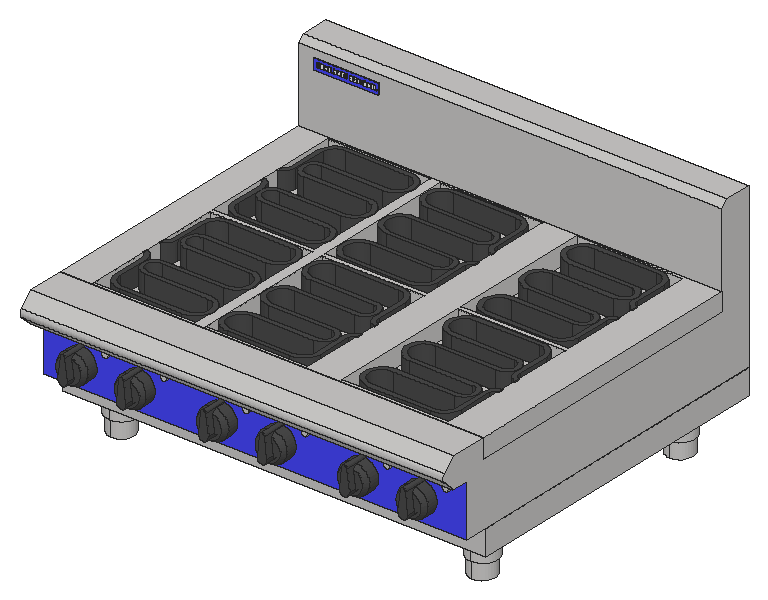
Revit family "QF_MOFFAT_BLUESEAL_CE_E516D-B", category Specialty Equipment, Revit 2012 (continued)
Definition of nested family "ELECTRIC BURNER 900"
  Lines and regions (mm)
    symbolic lines
      curve 55: line (475.112, -231.35, 0) -> (342.512, -231.35, 0)
      curve 56: arc (342.512, -231.35, 0) -> (304.812, -269.05, 0) -> (342.512, -306.75, 0) r 37.7
      curve 57: line (342.512, -306.75, 0) -> (474.94, -306.75, 0)
      curve 58: arc (474.94, -306.75, 0) -> (501.211, -296.851, 0) -> (512.812, -271.286, 0) r 36.722
      curve 59: line (512.812, -271.286, 0) -> (512.812, -200.019, 0)
      curve 60: arc (512.812, -200.019, 0) -> (515.761, -191.21, 0) -> (523.112, -185.532, 0) r 15.973
      curve 61: line (523.112, -185.532, 0) -> (523.112, -175.119, 0)
      curve 62: arc (523.112, -175.119, 0) -> (508.688, -184.005, 0) -> (502.812, -199.896, 0) r 25.973
      curve 63: line (502.812, -199.896, 0) -> (502.812, -271.104, 0)
      curve 64: arc (502.812, -271.104, 0) -> (494.266, -289.655, 0) -> (475.112, -296.75, 0) r 26.722
      curve 65: line (475.112, -296.75, 0) -> (342.512, -296.75, 0)
      curve 66: arc (342.512, -296.75, 0) -> (314.812, -269.05, 0) -> (342.512, -241.35, 0) r 27.7
      curve 67: line (342.512, -241.35, 0) -> (474.487, -241.35, 0)
      curve 68: arc (474.487, -241.35, 0) -> (502.187, -213.65, 0) -> (474.487, -185.95, 0) r 27.7
      curve 69: line (474.487, -185.95, 0) -> (342.512, -185.95, 0)
      curve 70: arc (342.512, -185.95, 0) -> (314.812, -158.25, 0) -> (342.512, -130.55, 0) r 27.7
      curve 71: line (342.512, -130.55, 0) -> (474.956, -130.55, 0)
      curve 72: arc (474.956, -130.55, 0) -> (502.656, -102.85, 0) -> (474.956, -75.15, 0) r 27.7
      curve 73: line (774.956, -75.15, 0) -> (642.512, -75.15, 0)
      curve 74: arc (642.512, -75.15, 0) -> (614.812, -47.45, 0) -> (642.512, -19.75, 0) r 27.7
      curve 75: line (642.512, -19.75, 0) -> (775.112, -19.75, 0)
      curve 76: arc (775.112, -19.75, 0) -> (794.266, -26.845, 0) -> (802.812, -45.396, 0) r 26.722
      curve 77: line (802.812, -45.396, 0) -> (802.812, -116.604, 0)
      curve 78: arc (802.812, -116.604, 0) -> (808.677, -132.472, 0) -> (823.112, -141.293, 0) r 25.79
      curve 79: line (823.112, -141.293, 0) -> (823.112, -130.9, 0)
      curve 80: arc (823.112, -130.9, 0) -> (815.752, -125.276, 0) -> (812.812, -116.493, 0) r 15.79
      curve 81: line (812.812, -116.493, 0) -> (812.812, -45.214, 0)
      curve 82: arc (812.812, -45.214, 0) -> (801.211, -19.649, 0) -> (774.94, -9.75, 0) r 36.722
      curve 83: line (774.94, -9.75, 0) -> (642.512, -9.75, 0)
      curve 84: arc (642.512, -9.75, 0) -> (604.812, -47.45, 0) -> (642.512, -85.15, 0) r 37.7
      curve 85: line (642.512, -85.15, 0) -> (775.112, -85.15, 0)
      curve 86: arc (775.112, -85.15, 0) -> (792.812, -102.85, 0) -> (775.112, -120.55, 0) r 17.7
      curve 87: line (775.112, -120.55, 0) -> (642.512, -120.55, 0)
      curve 88: arc (642.512, -120.55, 0) -> (604.812, -158.25, 0) -> (642.512, -195.95, 0) r 37.7
      curve 89: line (642.512, -195.95, 0) -> (775.112, -195.95, 0)
      curve 90: arc (775.112, -195.95, 0) -> (792.812, -213.65, 0) -> (775.112, -231.35, 0) r 17.7
      curve 91: line (775.112, -231.35, 0) -> (642.512, -231.35, 0)
      curve 92: arc (642.512, -231.35, 0) -> (604.812, -269.05, 0) -> (642.512, -306.75, 0) r 37.7
      curve 93: line (642.512, -306.75, 0) -> (774.94, -306.75, 0)
      curve 94: arc (774.94, -306.75, 0) -> (801.211, -296.851, 0) -> (812.812, -271.286, 0) r 36.722
      curve 95: line (812.812, -271.286, 0) -> (812.812, -200.019, 0)
      curve 96: arc (812.812, -200.019, 0) -> (815.761, -191.21, 0) -> (823.112, -185.532, 0) r 15.973
      curve 97: line (823.112, -185.532, 0) -> (823.112, -175.119, 0)
      curve 98: arc (823.112, -175.119, 0) -> (808.688, -184.005, 0) -> (802.812, -199.896, 0) r 25.973
      curve 99: line (802.812, -199.896, 0) -> (802.812, -271.104, 0)
      curve 100: arc (802.812, -271.104, 0) -> (794.266, -289.655, 0) -> (775.112, -296.75, 0) r 26.722
      curve 101: line (775.112, -296.75, 0) -> (642.512, -296.75, 0)
      curve 102: arc (642.512, -296.75, 0) -> (614.812, -269.05, 0) -> (642.512, -241.35, 0) r 27.7
      curve 103: line (642.512, -241.35, 0) -> (774.487, -241.35, 0)
      curve 104: arc (774.487, -241.35, 0) -> (802.187, -213.65, 0) -> (774.487, -185.95, 0) r 27.7
      curve 105: line (774.487, -185.95, 0) -> (642.512, -185.95, 0)
      curve 106: arc (642.512, -185.95, 0) -> (614.812, -158.25, 0) -> (642.512, -130.55, 0) r 27.7
      curve 107: line (642.512, -130.55, 0) -> (774.956, -130.55, 0)
      curve 108: arc (774.956, -130.55, 0) -> (802.656, -102.85, 0) -> (774.956, -75.15, 0) r 27.7
      curve 109: line (642.512, -397.65, 0) -> (775.112, -397.65, 0)
      curve 110: arc (775.112, -397.65, 0) -> (792.812, -415.35, 0) -> (775.112, -433.05, 0) r 17.7
      curve 111: line (775.112, -433.05, 0) -> (642.512, -433.05, 0)
      curve 112: arc (642.512, -433.05, 0) -> (604.812, -470.75, 0) -> (642.512, -508.45, 0) r 37.7
      curve 113: line (642.512, -508.45, 0) -> (775.112, -508.45, 0)
      curve 114: arc (775.112, -508.45, 0) -> (792.812, -526.15, 0) -> (775.112, -543.85, 0) r 17.7
      curve 115: line (775.112, -543.85, 0) -> (642.512, -543.85, 0)
      curve 116: arc (642.512, -543.85, 0) -> (604.812, -581.55, 0) -> (642.512, -619.25, 0) r 37.7
      curve 117: line (642.512, -619.25, 0) -> (774.94, -619.25, 0)
      curve 118: arc (774.94, -619.25, 0) -> (801.211, -609.351, 0) -> (812.812, -583.786, 0) r 36.722
      curve 119: line (812.812, -583.786, 0) -> (812.812, -512.507, 0)
      curve 120: arc (812.812, -512.507, 0) -> (815.944, -503.462, 0) -> (823.725, -497.888, 0) r 15.79
      curve 121: line (823.725, -497.888, 0) -> (823.725, -487.582, 0)
      curve 122: arc (823.725, -487.582, 0) -> (808.876, -496.287, 0) -> (802.812, -512.396, 0) r 25.79
      curve 123: line (802.812, -512.396, 0) -> (802.812, -583.604, 0)
      curve 124: arc (802.812, -583.604, 0) -> (794.266, -602.155, 0) -> (775.112, -609.25, 0) r 26.722
      curve 125: line (775.112, -609.25, 0) -> (642.512, -609.25, 0)
      curve 126: arc (642.512, -609.25, 0) -> (614.812, -581.55, 0) -> (642.512, -553.85, 0) r 27.7
      curve 127: line (642.512, -553.85, 0) -> (773.862, -553.85, 0)
      curve 128: arc (773.862, -553.85, 0) -> (801.562, -526.15, 0) -> (773.862, -498.45, 0) r 27.7
      curve 129: line (773.862, -498.45, 0) -> (642.512, -498.45, 0)
      curve 130: arc (642.512, -498.45, 0) -> (614.812, -470.75, 0) -> (642.512, -443.05, 0) r 27.7
      curve 131: line (642.512, -443.05, 0) -> (773.862, -443.05, 0)
      curve 132: arc (773.862, -443.05, 0) -> (801.562, -415.35, 0) -> (773.862, -387.65, 0) r 27.7
      curve 133: line (773.862, -387.65, 0) -> (642.512, -387.65, 0)
      curve 134: arc (642.512, -387.65, 0) -> (614.812, -359.95, 0) -> (642.512, -332.25, 0) r 27.7
      curve 135: line (642.512, -332.25, 0) -> (775.112, -332.25, 0)
      curve 136: arc (775.112, -332.25, 0) -> (794.266, -339.345, 0) -> (802.812, -357.896, 0) r 26.722
      curve 137: line (802.812, -357.896, 0) -> (802.812, -429.104, 0)
      curve 138: arc (802.812, -429.104, 0) -> (808.688, -444.995, 0) -> (823.112, -453.881, 0) r 25.973
      curve 139: line (823.112, -453.881, 0) -> (823.112, -443.468, 0)
      curve 140: arc (823.112, -443.468, 0) -> (815.761, -437.79, 0) -> (812.812, -428.981, 0) r 15.973
      curve 141: line (812.812, -428.981, 0) -> (812.812, -357.714, 0)
      curve 142: arc (812.812, -357.714, 0) -> (801.211, -332.149, 0) -> (774.94, -322.25, 0) r 36.722
      curve 143: line (774.94, -322.25, 0) -> (642.512, -322.25, 0)
      curve 144: arc (642.512, -322.25, 0) -> (604.812, -359.95, 0) -> (642.512, -397.65, 0) r 37.7
      curve 145: line (342.512, -397.65, 0) -> (475.112, -397.65, 0)
      curve 146: arc (475.112, -397.65, 0) -> (492.812, -415.35, 0) -> (475.112, -433.05, 0) r 17.7
      curve 147: line (475.112, -433.05, 0) -> (342.512, -433.05, 0)
      curve 148: arc (342.512, -433.05, 0) -> (304.812, -470.75, 0) -> (342.512, -508.45, 0) r 37.7
      curve 149: line (342.512, -508.45, 0) -> (475.112, -508.45, 0)
      curve 150: arc (475.112, -508.45, 0) -> (492.812, -526.15, 0) -> (475.112, -543.85, 0) r 17.7
      curve 151: line (475.112, -543.85, 0) -> (342.512, -543.85, 0)
      curve 152: arc (342.512, -543.85, 0) -> (304.812, -581.55, 0) -> (342.512, -619.25, 0) r 37.7
      curve 153: line (342.512, -619.25, 0) -> (474.94, -619.25, 0)
      curve 154: arc (474.94, -619.25, 0) -> (501.211, -609.351, 0) -> (512.812, -583.786, 0) r 36.722
      curve 155: line (512.812, -583.786, 0) -> (512.812, -512.507, 0)
      curve 156: arc (512.812, -512.507, 0) -> (515.944, -503.462, 0) -> (523.725, -497.888, 0) r 15.79
      curve 157: line (523.725, -497.888, 0) -> (523.725, -487.582, 0)
      curve 158: arc (523.725, -487.582, 0) -> (508.876, -496.287, 0) -> (502.812, -512.396, 0) r 25.79
      curve 159: line (502.812, -512.396, 0) -> (502.812, -583.604, 0)
      curve 160: arc (502.812, -583.604, 0) -> (494.266, -602.155, 0) -> (475.112, -609.25, 0) r 26.722
      curve 161: line (475.112, -609.25, 0) -> (342.512, -609.25, 0)
      curve 162: arc (342.512, -609.25, 0) -> (314.812, -581.55, 0) -> (342.512, -553.85, 0) r 27.7
      curve 163: line (342.512, -553.85, 0) -> (473.862, -553.85, 0)
      curve 164: arc (473.862, -553.85, 0) -> (501.562, -526.15, 0) -> (473.862, -498.45, 0) r 27.7
      curve 165: line (473.862, -498.45, 0) -> (342.512, -498.45, 0)
      curve 166: arc (342.512, -498.45, 0) -> (314.812, -470.75, 0) -> (342.512, -443.05, 0) r 27.7
      curve 167: line (342.512, -443.05, 0) -> (473.862, -443.05, 0)
      curve 168: arc (473.862, -443.05, 0) -> (501.562, -415.35, 0) -> (473.862, -387.65, 0) r 27.7
      curve 169: line (473.862, -387.65, 0) -> (342.512, -387.65, 0)
      curve 170: arc (342.512, -387.65, 0) -> (314.812, -359.95, 0) -> (342.512, -332.25, 0) r 27.7
      curve 171: line (342.512, -332.25, 0) -> (475.112, -332.25, 0)
      curve 172: arc (475.112, -332.25, 0) -> (494.266, -339.345, 0) -> (502.812, -357.896, 0) r 26.722
      curve 173: line (502.812, -357.896, 0) -> (502.812, -429.104, 0)
      curve 174: arc (502.812, -429.104, 0) -> (508.688, -444.995, 0) -> (523.112, -453.881, 0) r 25.973
      curve 175: line (523.112, -453.881, 0) -> (523.112, -443.468, 0)
      curve 176: arc (523.112, -443.468, 0) -> (515.761, -437.79, 0) -> (512.812, -428.981, 0) r 15.973
      curve 177: line (512.812, -428.981, 0) -> (512.812, -357.714, 0)
      curve 178: arc (512.812, -357.714, 0) -> (501.211, -332.149, 0) -> (474.94, -322.25, 0) r 36.722
      curve 179: line (474.94, -322.25, 0) -> (342.512, -322.25, 0)
      curve 180: arc (342.512, -322.25, 0) -> (304.812, -359.95, 0) -> (342.512, -397.65, 0) r 37.7
      curve 181: line (246.212, -387.65, 0) -> (114.862, -387.65, 0)
      curve 182: arc (114.862, -387.65, 0) -> (87.162, -415.35, 0) -> (114.862, -443.05, 0) r 27.7
      curve 183: line (114.862, -443.05, 0) -> (246.212, -443.05, 0)
      curve 184: arc (246.212, -443.05, 0) -> (273.912, -470.75, 0) -> (246.212, -498.45, 0) r 27.7
      curve 185: line (246.212, -498.45, 0) -> (114.862, -498.45, 0)
      curve 186: arc (114.862, -498.45, 0) -> (87.162, -526.15, 0) -> (114.862, -553.85, 0) r 27.7
      curve 187: line (114.862, -553.85, 0) -> (246.212, -553.85, 0)
      curve 188: arc (246.212, -553.85, 0) -> (273.912, -581.55, 0) -> (246.212, -609.25, 0) r 27.7
      curve 189: line (246.212, -609.25, 0) -> (113.612, -609.25, 0)
      curve 190: arc (113.612, -609.25, 0) -> (94.459, -602.155, 0) -> (85.912, -583.604, 0) r 26.722
      curve 191: line (85.912, -583.604, 0) -> (85.912, -512.396, 0)
      curve 192: arc (85.912, -512.396, 0) -> (79.848, -496.287, 0) -> (65, -487.582, 0) r 25.79
      curve 193: line (65, -487.582, 0) -> (65, -497.888, 0)
      curve 194: arc (65, -497.888, 0) -> (72.781, -503.462, 0) -> (75.912, -512.507, 0) r 15.79
      curve 195: line (75.912, -512.507, 0) -> (75.912, -583.786, 0)
      curve 196: arc (75.912, -583.786, 0) -> (87.513, -609.351, 0) -> (113.784, -619.25, 0) r 36.722
      curve 197: line (113.784, -619.25, 0) -> (246.212, -619.25, 0)
      curve 198: arc (246.212, -619.25, 0) -> (283.912, -581.55, 0) -> (246.212, -543.85, 0) r 37.7
      curve 199: line (246.212, -543.85, 0) -> (113.612, -543.85, 0)
      curve 200: arc (113.612, -543.85, 0) -> (95.912, -526.15, 0) -> (113.612, -508.45, 0) r 17.7
      curve 201: line (113.612, -508.45, 0) -> (246.212, -508.45, 0)
      curve 202: arc (246.212, -508.45, 0) -> (283.912, -470.75, 0) -> (246.212, -433.05, 0) r 37.7
      curve 203: line (246.212, -433.05, 0) -> (113.612, -433.05, 0)
      curve 204: arc (113.612, -433.05, 0) -> (95.912, -415.35, 0) -> (113.612, -397.65, 0) r 17.7
      curve 205: line (113.612, -397.65, 0) -> (246.212, -397.65, 0)
      curve 206: arc (246.212, -397.65, 0) -> (283.912, -359.95, 0) -> (246.212, -322.25, 0) r 37.7
      curve 207: line (246.212, -322.25, 0) -> (113.784, -322.25, 0)
      curve 208: arc (113.784, -322.25, 0) -> (87.513, -332.149, 0) -> (75.912, -357.714, 0) r 36.722
      curve 209: line (75.912, -357.714, 0) -> (75.912, -428.981, 0)
      curve 210: arc (75.912, -428.981, 0) -> (72.964, -437.79, 0) -> (65.612, -443.468, 0) r 15.973
      curve 211: line (65.612, -443.468, 0) -> (65.612, -453.881, 0)
      curve 212: arc (65.612, -453.881, 0) -> (80.037, -444.995, 0) -> (85.912, -429.104, 0) r 25.973
      curve 213: line (85.912, -429.104, 0) -> (85.912, -357.896, 0)
      curve 214: arc (85.912, -357.896, 0) -> (94.459, -339.345, 0) -> (113.612, -332.25, 0) r 26.722
      curve 215: line (113.612, -332.25, 0) -> (246.212, -332.25, 0)
      curve 216: arc (246.212, -332.25, 0) -> (273.912, -359.95, 0) -> (246.212, -387.65, 0) r 27.7
      curve 217: line (0, 0, 0) -> (0, -635, 0)
      curve 218: line (0, -635, 0) -> (900, -635, 0)
      curve 219: line (900, -635, 0) -> (900, 0, 0)
      curve 220: line (900, 0, 0) -> (0, 0, 0)
      curve 221: line (65.8, -312.651, 0) -> (65.8, -5, 0)
      curve 222: line (65.8, -5, 0) -> (284.362, -5, 0)
      curve 223: line (284.362, -5, 0) -> (284.362, -312.651, 0)
      curve 224: line (284.362, -312.651, 0) -> (65.8, -312.651, 0)
      curve 225: line (304.362, -312.651, 0) -> (304.362, -5, 0)
      curve 226: line (304.362, -5, 0) -> (523.112, -5, 0)
      curve 227: line (523.112, -5, 0) -> (523.112, -312.651, 0)
      curve 228: line (523.112, -312.651, 0) -> (304.362, -312.651, 0)
      curve 229: line (594.362, -312.651, 0) -> (594.362, -5, 0)
      curve 230: line (594.362, -5, 0) -> (823.112, -5, 0)
      curve 231: line (823.112, -5, 0) -> (823.112, -312.651, 0)
      curve 232: line (823.112, -312.651, 0) -> (594.362, -312.651, 0)
      curve 233: line (823.112, -320.251, 0) -> (823.112, -630, 0)
      curve 234: line (823.112, -630, 0) -> (594.362, -630, 0)
      curve 235: line (594.362, -630, 0) -> (594.362, -320.251, 0)
      curve 236: line (594.362, -320.251, 0) -> (823.112, -320.251, 0)
      curve 237: line (523.112, -320.251, 0) -> (523.112, -630, 0)
      curve 238: line (523.112, -630, 0) -> (304.362, -630, 0)
      curve 239: line (304.362, -630, 0) -> (304.362, -320.251, 0)
      curve 240: line (304.362, -320.251, 0) -> (523.112, -320.251, 0)
      curve 241: line (284.362, -320.251, 0) -> (284.362, -630, 0)
      curve 242: line (284.362, -630, 0) -> (65.8, -630, 0)
      curve 243: line (65.8, -630, 0) -> (65.8, -320.251, 0)
      curve 244: line (65.8, -320.251, 0) -> (284.362, -320.251, 0)
  Dimensions and locks
    equal spacing: plane 3 "LEFT", plane 7 "Center Y", plane 4 "RIGHT"
    "Width": plane 3 "LEFT" to plane 4 "RIGHT"
    equal spacing: plane 5 "FRONT", plane 8 "Center X", plane 1 "BACK"
    "Depth": plane 5 "FRONT" to plane 1 "BACK"
    aligned and locked: level to plane 2
  Automatic sketch dimensions
    plane 1 "BACK" to Extrusion 1 sketch curve = 0.0 mm
    Extrusion 1 sketch curve to plane 9 = 0.0 mm  (x2)
    Extrusion 1 sketch curve to plane 3 "LEFT" = 0.0 mm
    plane 5 "FRONT" to Extrusion 1 sketch curve = 0.0 mm
    Extrusion 1 sketch curve to plane 4 "RIGHT" = 0.0 mm
    plane 1 "BACK" to Extrusion 1 sketch curve = 5.0 mm  (x3)
    plane 8 "Center X" to Extrusion 1 sketch curve = 4.849 mm  (x3)
    Extrusion 1 sketch curve to plane 8 "Center X" = 2.751 mm  (x3)
    Extrusion 1 sketch curve to plane 5 "FRONT" = 5.0 mm  (x3)
    Extrusion 1 sketch curve to plane 7 "Center Y" = 165.638 mm
    Extrusion 1 sketch curve to Extrusion 1 sketch curve = 0.0 mm  (x3)
    Extrusion 1 sketch curve to Extrusion 1 sketch curve = 20.0 mm
    plane 7 "Center Y" to Extrusion 1 sketch curve = 73.112 mm  (x2)
    Extrusion 1 sketch curve to Extrusion 1 sketch curve = 71.25 mm  (x2)
    plane 4 "RIGHT" to Extrusion 1 sketch curve = 76.888 mm
    Extrusion 2 sketch curve to Extrusion 2 sketch curve = 0.0 mm  (x110)
    plane 1 "BACK" to Extrusion 2 sketch curve = 9.75 mm  (x3)
    Extrusion 2 sketch curve to Extrusion 2 sketch curve = 10.0 mm  (x6)
    plane 1 "BACK" to Extrusion 2 sketch curve = 45.214 mm  (x3)
    Extrusion 2 sketch curve to Extrusion 2 sketch curve = 0.182 mm  (x12)
    Extrusion 2 sketch curve to Extrusion 2 sketch curve = 26.704 mm  (x11)
    Extrusion 2 sketch curve to Extrusion 2 sketch curve = 27.7 mm  (x20)
    Extrusion 2 sketch curve to Extrusion 2 sketch curve = 17.7 mm  (x12)
    Extrusion 2 sketch curve to Extrusion 2 sketch curve = 4.457 mm  (x3)
    Extrusion 2 sketch curve to Extrusion 2 sketch curve = 0.4 mm  (x5)
    Extrusion 2 sketch curve to Extrusion 2 sketch curve = 0.111 mm  (x6)
    Extrusion 2 sketch curve to Extrusion 2 sketch curve = 14.806 mm  (x3)
    Extrusion 2 sketch curve to Extrusion 2 sketch curve = 10.393 mm  (x3)
    Extrusion 2 sketch curve to Extrusion 2 sketch curve = 33.826 mm  (x3)
    Extrusion 2 sketch curve to Extrusion 2 sketch curve = 10.413 mm  (x6)
    Extrusion 2 sketch curve to Extrusion 2 sketch curve = 14.364 mm  (x3)
    Extrusion 2 sketch curve to Extrusion 2 sketch curve = 0.123 mm  (x6)
    Extrusion 2 sketch curve to Extrusion 2 sketch curve = 14.934 mm  (x4)
    Extrusion 2 sketch curve to Extrusion 2 sketch curve = 0.447 mm  (x5)
    Extrusion 2 sketch curve to Extrusion 2 sketch curve = 1.058 mm  (x7)
    Extrusion 2 sketch curve to plane 8 "Center X" = 4.75 mm  (x3)
    Extrusion 2 sketch curve to plane 8 "Center X" = 40.214 mm  (x3)
    Extrusion 2 sketch curve to Extrusion 2 sketch curve = 4.516 mm  (x3)
    Extrusion 2 sketch curve to Extrusion 2 sketch curve = 33.7 mm  (x3)
    Extrusion 2 sketch curve to Extrusion 2 sketch curve = 10.306 mm  (x3)
    Extrusion 2 sketch curve to Extrusion 2 sketch curve = 14.508 mm  (x3)
    Extrusion 2 sketch curve to Extrusion 2 sketch curve = 15.019 mm
    plane 3 "LEFT" to Extrusion 2 sketch curve = 59.946 mm  (x2)
    plane 3 "LEFT" to Extrusion 2 sketch curve = 60.128 mm  (x2)
    Extrusion 2 sketch curve to Extrusion 2 sketch curve = 4.872 mm
    Extrusion 2 sketch curve to Extrusion 2 sketch curve = 5.484 mm
    Extrusion 2 sketch curve to Extrusion 2 sketch curve = 5.667 mm  (x2)
    Extrusion 2 sketch curve to Extrusion 2 sketch curve = 26.701 mm  (x4)
    Extrusion 2 sketch curve to Extrusion 2 sketch curve = 0.999 mm  (x6)
    Extrusion 2 sketch curve to Extrusion 2 sketch curve = 0.156 mm  (x3)
    Extrusion 2 sketch curve to Extrusion 2 sketch curve = 0.625 mm  (x3)
    Extrusion 2 sketch curve to Extrusion 2 sketch curve = 1.25 mm  (x6)
    Extrusion 2 sketch curve to Extrusion 2 sketch curve = 132.428 mm
    Extrusion 2 sketch curve to Extrusion 2 sketch curve = 132.6 mm
    Extrusion 2 sketch curve to Extrusion 2 sketch curve = 96.3 mm  (x3)
    plane 7 "Center Y" to Extrusion 2 sketch curve = 23.862 mm  (x2)
    plane 7 "Center Y" to Extrusion 2 sketch curve = 24.487 mm
    plane 7 "Center Y" to Extrusion 2 sketch curve = 24.94 mm  (x3)
    plane 7 "Center Y" to Extrusion 2 sketch curve = 24.956 mm
    Extrusion 2 sketch curve to Extrusion 2 sketch curve = 0.172 mm  (x8)
    plane 7 "Center Y" to Extrusion 2 sketch curve = 26.111 mm  (x4)
    Extrusion 2 sketch curve to Extrusion 2 sketch curve = 129.7 mm  (x2)
    plane 4 "RIGHT" to Extrusion 2 sketch curve = 126.138 mm
    plane 4 "RIGHT" to Extrusion 2 sketch curve = 125.513 mm
    Extrusion 2 sketch curve to Extrusion 2 sketch curve = 0.453 mm
    plane 4 "RIGHT" to Extrusion 2 sketch curve = 125.06 mm
    Extrusion 2 sketch curve to Extrusion 2 sketch curve = 1.078 mm
    Extrusion 2 sketch curve to Extrusion 2 sketch curve = 0.016 mm
    curve 4 to curve 22 = 0.0 mm  (x2)
    curve 8 to curve 18 = 0.0 mm  (x2)
    curve 10 to curve 16 = 0.0 mm  (x2)
    curve 12 to curve 14 = 0.0 mm  (x2)
    curve 26 to curve 36 = 0.0 mm  (x2)
    curve 28 to curve 34 = 0.0 mm  (x2)
    curve 30 to curve 32 = 0.0 mm  (x2)
    plane 3 "LEFT" to curve 14 = 59.946 mm
    plane 3 "LEFT" to curve 32 = 60.128 mm
    curve 12 to curve 14 = 5.667 mm
    curve 30 to curve 32 = 5.484 mm
    curve 30 to curve 30 = 15.784 mm
    plane 8 "Center X" to curve 16 = 46.214 mm
    curve 12 to curve 16 = 15.967 mm
    curve 14 to curve 11 = 10.0 mm
    curve 29 to curve 32 = 10.0 mm
    curve 33 to curve 34 = 26.701 mm
    curve 11 to curve 10 = 26.701 mm
    curve 10 to curve 9 = 0.999 mm
    curve 33 to curve 24 = 27.7 mm
    curve 28 to curve 35 = 0.999 mm
    curve 12 to curve 21 = 27.7 mm
    curve 25 to curve 1 = 0.156 mm
    curve 35 to curve 27 = 0.172 mm
    curve 10 to curve 16 = 0.172 mm
    curve 20 to curve 7 = 0.625 mm
    curve 10 to curve 8 = 133.599 mm
    curve 25 to curve 25 = 132.6 mm
    curve 23 to curve 25 = 0.0 mm
    plane 8 "Center X" to curve 8 = 20.75 mm
    curve 16 to curve 10 = 10.0 mm
    curve 8 to curve 18 = 27.7 mm
    curve 19 to curve 6 = 17.7 mm
    curve 20 to curve 6 = 0.0 mm
    curve 12 to curve 20 = 4.516 mm
    curve 12 to curve 14 = 0.447 mm
    curve 14 to curve 12 = 0.123 mm
    curve 4 to curve 4 = 27.7 mm
    curve 12 to curve 32 = 33.826 mm
    curve 32 to curve 31 = 10.393 mm
    curve 30 to curve 33 = 14.296 mm
    curve 23 to curve 2 = 17.7 mm
    curve 24 to curve 2 = 0.0 mm
    curve 1 to curve 26 = 27.7 mm
    curve 34 to curve 34 = 26.704 mm
    curve 38 to curve 48 = 0.0 mm  (x2)
    curve 40 to curve 46 = 0.0 mm  (x2)
    curve 42 to curve 44 = 0.0 mm  (x2)
    curve 52 to curve 70 = 0.0 mm  (x2)
    curve 56 to curve 66 = 0.0 mm  (x2)
    curve 58 to curve 64 = 0.0 mm  (x2)
    curve 60 to curve 62 = 0.0 mm  (x2)
    plane 8 "Center X" to curve 66 = 20.75 mm
    curve 8 to curve 66 = 96.3 mm
    curve 36 to curve 37 = 96.3 mm
    curve 53 to curve 56 = 0.0 mm
    plane 7 "Center Y" to curve 68 = 24.487 mm
    plane 1 "BACK" to curve 47 = 9.75 mm
    plane 7 "Center Y" to curve 47 = 24.94 mm
    plane 7 "Center Y" to curve 58 = 24.94 mm
    plane 7 "Center Y" to curve 72 = 24.956 mm
    curve 67 to curve 54 = 0.625 mm
    curve 71 to curve 51 = 0.156 mm
    curve 47 to curve 39 = 0.172 mm
    curve 57 to curve 65 = 0.172 mm
    plane 7 "Center Y" to curve 58 = 26.111 mm
    plane 7 "Center Y" to curve 40 = 26.111 mm
    curve 40 to curve 40 = 26.701 mm
    curve 53 to curve 62 = 27.7 mm
    curve 40 to curve 46 = 10.0 mm
    curve 63 to curve 58 = 10.0 mm
    curve 44 to curve 43 = 10.3 mm
    curve 59 to curve 61 = 10.3 mm
    curve 43 to curve 42 = 5.484 mm
    curve 59 to curve 60 = 15.967 mm
    curve 57 to curve 65 = 10.0 mm
    curve 64 to curve 58 = 25.464 mm
    curve 65 to curve 56 = 27.7 mm
    curve 55 to curve 68 = 17.7 mm
    curve 68 to curve 54 = 0.0 mm
    curve 62 to curve 53 = 4.516 mm
    curve 60 to curve 59 = 0.447 mm
    curve 59 to curve 63 = 0.123 mm
    curve 70 to curve 52 = 27.7 mm
    curve 62 to curve 42 = 33.826 mm
    curve 42 to curve 43 = 10.393 mm
    curve 43 to curve 41 = 14.296 mm
    curve 50 to curve 50 = 17.7 mm
    curve 72 to curve 50 = 0.0 mm
    curve 46 to curve 40 = 26.704 mm
    curve 74 to curve 84 = 0.0 mm  (x2)
    curve 76 to curve 82 = 0.0 mm  (x2)
    curve 78 to curve 80 = 0.0 mm  (x2)
    curve 88 to curve 106 = 0.0 mm  (x2)
    curve 92 to curve 102 = 0.0 mm  (x2)
    curve 94 to curve 100 = 0.0 mm  (x2)
    curve 96 to curve 98 = 0.0 mm  (x2)
    curve 42 to curve 107 = 113.916 mm
    curve 73 to curve 88 = 0.0 mm
    curve 103 to curve 89 = 0.0 mm
    plane 4 "RIGHT" to curve 105 = 125.513 mm
    plane 8 "Center X" to curve 94 = 10.75 mm
    curve 103 to curve 94 = 0.453 mm
    plane 1 "BACK" to curve 82 = 9.75 mm
    plane 4 "RIGHT" to curve 82 = 125.06 mm
    curve 104 to curve 108 = 0.469 mm
    curve 103 to curve 90 = 0.625 mm
    curve 73 to curve 85 = 0.156 mm
    curve 83 to curve 75 = 0.172 mm
    curve 94 to curve 100 = 0.172 mm
    curve 75 to curve 76 = 0.999 mm
    curve 100 to curve 94 = 0.999 mm
    curve 76 to curve 77 = 26.701 mm
    curve 89 to curve 98 = 27.7 mm
    curve 76 to curve 82 = 10.0 mm
    curve 99 to curve 95 = 10.0 mm
    curve 80 to curve 78 = 10.3 mm
    curve 95 to curve 96 = 10.3 mm
    curve 79 to curve 78 = 5.484 mm
    curve 97 to curve 98 = 5.667 mm
    curve 93 to curve 102 = 10.0 mm
    curve 100 to curve 95 = 25.464 mm
    curve 101 to curve 102 = 27.7 mm
    curve 91 to curve 90 = 17.7 mm
    curve 104 to curve 90 = 0.0 mm
    curve 98 to curve 89 = 4.516 mm
    curve 96 to curve 96 = 0.447 mm
    curve 95 to curve 99 = 0.123 mm
    curve 106 to curve 106 = 27.7 mm
    curve 98 to curve 79 = 33.826 mm
    curve 78 to curve 79 = 10.393 mm
    curve 79 to curve 78 = 14.296 mm
    curve 87 to curve 108 = 17.7 mm
    curve 108 to curve 86 = 0.0 mm
    curve 76 to curve 75 = 26.704 mm
    curve 112 to curve 130 = 0.0 mm  (x2)
    curve 116 to curve 126 = 0.0 mm  (x2)
    curve 118 to curve 124 = 0.0 mm  (x2)
    curve 120 to curve 122 = 0.0 mm  (x2)
    curve 134 to curve 144 = 0.0 mm  (x2)
    curve 136 to curve 142 = 0.0 mm  (x2)
    curve 138 to curve 140 = 0.0 mm  (x2)
    curve 144 to curve 92 = 0.0 mm
    curve 131 to curve 109 = 0.0 mm
    curve 127 to curve 112 = 0.0 mm
    plane 4 "RIGHT" to curve 131 = 126.138 mm
    curve 128 to curve 131 = 0.0 mm
    curve 142 to plane 8 "Center X" = 4.75 mm
    curve 142 to curve 93 = 0.0 mm
    curve 117 to plane 5 "FRONT" = 15.75 mm
    curve 127 to curve 117 = 1.078 mm
    curve 117 to curve 124 = 0.172 mm
    curve 143 to curve 136 = 0.172 mm
    curve 132 to curve 110 = 1.25 mm
    curve 129 to curve 113 = 1.25 mm
    curve 124 to curve 118 = 0.999 mm
    curve 135 to curve 136 = 0.999 mm
    curve 113 to curve 122 = 27.7 mm
    curve 110 to curve 137 = 27.7 mm
    curve 138 to curve 140 = 10.0 mm
    curve 122 to curve 120 = 10.0 mm
    curve 141 to curve 138 = 10.3 mm
    curve 119 to curve 121 = 10.912 mm
    curve 120 to curve 122 = 15.784 mm
    curve 140 to curve 140 = 15.967 mm
    curve 117 to curve 126 = 10.0 mm
    curve 124 to curve 119 = 25.464 mm
    curve 125 to curve 126 = 27.7 mm
    curve 115 to curve 114 = 17.7 mm
    curve 128 to curve 114 = 0.0 mm
    curve 120 to curve 113 = 4.457 mm
    curve 120 to curve 120 = 0.4 mm
    curve 119 to curve 123 = 0.111 mm
    curve 129 to curve 112 = 27.7 mm
    curve 121 to curve 139 = 33.7 mm
    curve 138 to curve 139 = 10.413 mm
    curve 139 to curve 137 = 14.364 mm
    curve 111 to curve 132 = 17.7 mm
    curve 132 to curve 110 = 0.0 mm
    curve 136 to curve 135 = 26.704 mm
    curve 148 to curve 166 = 0.0 mm  (x2)
    curve 152 to curve 162 = 0.0 mm  (x2)
    curve 154 to curve 160 = 0.0 mm  (x2)
    curve 156 to curve 158 = 0.0 mm  (x2)
    curve 170 to curve 180 = 0.0 mm  (x2)
    curve 172 to curve 178 = 0.0 mm  (x2)
    curve 174 to curve 176 = 0.0 mm  (x2)
    curve 180 to plane 8 "Center X" = 4.75 mm
    curve 180 to curve 56 = 0.0 mm
    curve 167 to curve 145 = 0.0 mm
    curve 163 to curve 148 = 0.0 mm
    plane 7 "Center Y" to curve 167 = 23.862 mm
    plane 7 "Center Y" to curve 163 = 23.862 mm
    plane 7 "Center Y" to curve 154 = 24.94 mm
    curve 178 to curve 57 = 0.0 mm
    curve 153 to curve 160 = 0.172 mm
    curve 167 to curve 147 = 1.25 mm
    curve 163 to curve 151 = 1.25 mm
    curve 179 to curve 171 = 0.172 mm
    plane 7 "Center Y" to curve 178 = 26.111 mm
    plane 7 "Center Y" to curve 160 = 26.111 mm
    curve 146 to curve 174 = 27.7 mm
    curve 149 to curve 158 = 27.7 mm
    curve 160 to curve 154 = 10.0 mm
    curve 173 to curve 176 = 10.0 mm
    curve 176 to curve 175 = 10.3 mm
    curve 155 to curve 156 = 10.912 mm
    curve 155 to curve 158 = 15.784 mm
    curve 175 to curve 174 = 5.667 mm
    curve 152 to plane 5 "FRONT" = 15.75 mm
    curve 153 to curve 161 = 10.0 mm
    curve 160 to curve 155 = 25.464 mm
    curve 161 to curve 152 = 27.7 mm
    curve 151 to curve 150 = 17.7 mm
    curve 164 to curve 150 = 0.0 mm
    curve 158 to curve 149 = 4.457 mm
    curve 156 to curve 156 = 0.4 mm
    curve 155 to curve 159 = 0.111 mm
    curve 165 to curve 166 = 27.7 mm
    curve 157 to curve 175 = 33.7 mm
    curve 175 to curve 176 = 10.413 mm
    curve 175 to curve 173 = 14.364 mm
    curve 147 to curve 146 = 17.7 mm
    curve 168 to curve 146 = 0.0 mm
    curve 172 to curve 171 = 26.704 mm
    curve 184 to curve 202 = 0.0 mm  (x2)
    curve 188 to curve 198 = 0.0 mm  (x2)
    curve 190 to curve 196 = 0.0 mm  (x2)
    curve 192 to curve 194 = 0.0 mm  (x2)
    curve 206 to curve 216 = 0.0 mm  (x2)
    curve 208 to curve 214 = 0.0 mm  (x2)
    curve 210 to curve 212 = 0.0 mm  (x2)
    plane 3 "LEFT" to curve 212 = 59.946 mm
    plane 3 "LEFT" to curve 194 = 60.128 mm
    curve 192 to curve 193 = 4.872 mm
    curve 210 to curve 210 = 5.667 mm
    curve 192 to curve 195 = 15.784 mm
    curve 210 to curve 210 = 15.967 mm
    curve 209 to curve 213 = 10.0 mm
    curve 196 to curve 190 = 10.0 mm
    curve 190 to curve 190 = 26.701 mm
    curve 213 to curve 214 = 26.701 mm
    curve 208 to curve 204 = 0.999 mm
    curve 190 to curve 190 = 0.999 mm
    curve 191 to curve 200 = 27.7 mm
    curve 214 to plane 8 "Center X" = 14.75 mm
    curve 214 to curve 16 = 0.172 mm
    curve 190 to curve 196 = 0.172 mm
    curve 214 to curve 207 = 0.172 mm
    curve 204 to curve 183 = 1.25 mm
    curve 201 to curve 185 = 1.25 mm
    curve 205 to curve 18 = 0.0 mm
    curve 203 to curve 205 = 0.0 mm
    curve 199 to curve 201 = 0.0 mm
    curve 197 to plane 5 "FRONT" = 15.75 mm
    curve 197 to curve 188 = 10.0 mm
    curve 189 to curve 196 = 25.464 mm
    curve 189 to curve 188 = 27.7 mm
    curve 200 to curve 186 = 17.7 mm
    curve 200 to curve 186 = 0.0 mm
    curve 192 to curve 200 = 4.457 mm
    curve 192 to curve 194 = 0.4 mm
    curve 194 to curve 191 = 0.111 mm
    curve 184 to curve 202 = 27.7 mm
    curve 193 to curve 212 = 33.7 mm
    curve 212 to curve 211 = 10.413 mm
    curve 210 to curve 213 = 14.364 mm
    curve 203 to curve 204 = 17.7 mm
    curve 204 to curve 182 = 0.0 mm
    curve 214 to curve 215 = 26.704 mm
    plane 1 "BACK" to curve 220 = 0.0 mm
    curve 220 to plane 3 "LEFT" = 0.0 mm
    curve 219 to plane 4 "RIGHT" = 0.0 mm
    plane 5 "FRONT" to curve 219 = 0.0 mm
    plane 1 "BACK" to curve 221 = 5.0 mm
    curve 221 to curve 28 = 10.112 mm
    plane 8 "Center X" to curve 224 = 4.849 mm
    curve 17 to curve 224 = 38.15 mm
    plane 1 "BACK" to curve 226 = 5.0 mm
    curve 222 to curve 226 = 20.0 mm
    curve 45 to curve 226 = 10.3 mm
    plane 8 "Center X" to curve 225 = 4.849 mm
    plane 8 "Center X" to curve 232 = 4.849 mm
    curve 232 to curve 92 = 48.15 mm
    curve 94 to curve 232 = 10.3 mm
    plane 1 "BACK" to curve 231 = 5.0 mm
    curve 234 to plane 5 "FRONT" = 5.0 mm
    curve 234 to curve 116 = 48.15 mm
    curve 236 to plane 8 "Center X" = 2.751 mm
    curve 236 to curve 231 = 0.0 mm
    curve 239 to plane 5 "FRONT" = 5.0 mm
    curve 239 to curve 152 = 38.15 mm
    curve 240 to plane 8 "Center X" = 2.751 mm
    curve 240 to curve 227 = 0.0 mm
    curve 244 to plane 8 "Center X" = 2.751 mm
    curve 244 to curve 221 = 0.0 mm
    curve 241 to curve 223 = 0.0 mm
    curve 242 to plane 5 "FRONT" = 5.0 mm
